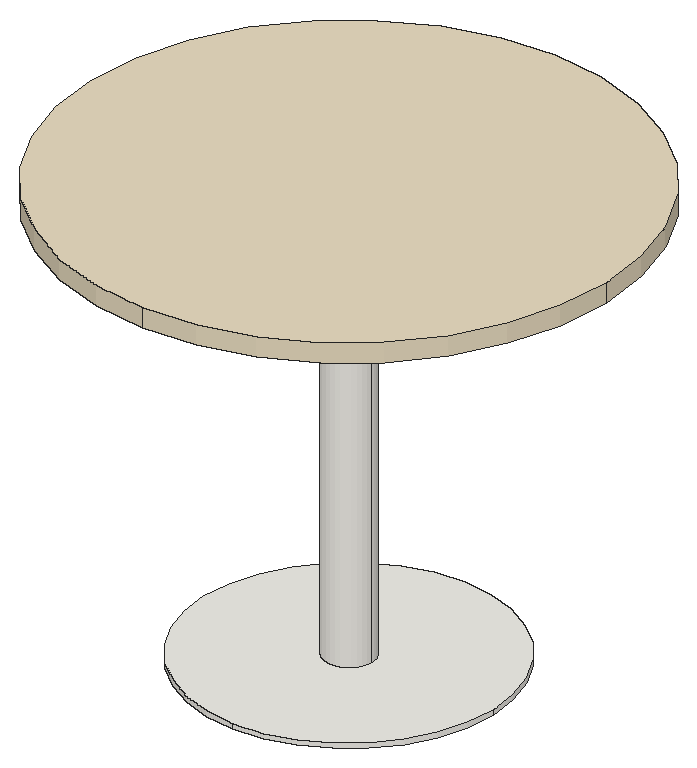
Revit family "FU_Table_Sandler_582-MT", category Furniture, Revit 2020
Family settings
  OmniClass Number = 23.40.20.00
  OmniClass Title = General Furniture and Specialties
  Work Plane-Based = No
  Always vertical = Yes
  Cut with Voids When Loaded = No
  Shared = No
  Room Calculation Point = No
Parameters (values of type "582 MT - 36" Round Top (90cm)")
  Width = 505 mm
  URL = "https://www.sandlerseating.com/product/582-mt/"
  Top Type = FU_TableTops_MT Rnd : 36" Round (90cm)
  Top Elevation = Height  # 720 mm
  Top Finish [instance] = Wood - Beech - Honey Stained
  Model = "582 MT"
  Manufacturer = "Sandler"
  Height = 720 mm
  Frame Finish [instance] = Metal - Paint -AL VR - Pure White
  Description = "Table base. Available in powdercoat painted finishes.\r\nOptional upcharge for outdoor version with galvanized-treated frame and adjustable feet."
  Depth = Width  # 505 mm
  Default Elevation = 0 mm
Types (5, lengths in mm): name | Top Type
  (no name) | FU_TableTops_MT Rnd : 36" Round (90cm)
  582 MT - 28" Square Top (70cm) | FU_TableTops_MT Sqr : 28" Square (70cm)
  582 MT - 32" Square Top (80cm) | FU_TableTops_MT Sqr : 32" Square (80cm)
  582 MT - 32" Round Top (80cm) | FU_TableTops_MT Rnd : 32" Round (80cm)
  582 MT - 36" Round Top (90cm) | FU_TableTops_MT Rnd : 36" Round (90cm)
Reference planes
  plane 1 "Center (Front/Back)": y = 0
  plane 2: z = 0
  plane 3 "Center (Left/Right)": x = 0
  plane 4 "Right": x = -252.5
  plane 5 "Left": x = 252.5
  plane 6 "Back": y = 252.5
  plane 7 "Front": y = -252.5
  plane 8 "Height": z = 720
  plane 9 "Top Support": z = 700
  plane 10 "Glide Height": z = 6
  plane 11 "Base height": z = 14
  plane 12 "R Pad C": x = -236.5
  plane 13 "B Pad C": y = 236.5
  plane 14 "L Pad C": x = 236.5
  plane 15 "F Pad C": y = -236.5
Forms (mm)
  Extrusion 1, solid, material "Metal - Paint -AL VR - Pure White" <- "Frame Finish"
    sketch origin (0, 0, 6) x (-1, 0, 0) y (0, -1, 0)
      loop
        arc (252.5, 0) -> (178.544, 178.544) -> (0, 252.5) r 252.5
        arc (0, 252.5) -> (-178.544, 178.544) -> (-252.5, 0) r 252.5
        arc (-252.5, 0) -> (-178.544, -178.544) -> (0, -252.5) r 252.5
        arc (0, -252.5) -> (178.544, -178.544) -> (252.5, 0) r 252.5
    from 0 to 8
  Revolve 2, solid, material "Rubber, Black"
    sketch origin (0, 0, 0) x (1, 0, 0) y (0, 0, 1)
      loop
        line (-236.5, 0) -> (-236.5, 6) -> (-244.5, 6) -> (-244.5, 2)
        arc (-244.5, 2) -> (-243.914, 0.586) -> (-242.5, 0) r 2
        line (-242.5, 0) -> (-236.5, 0)
      axis (-236.5, 6) -> (-236.5, 0)
    angle from 0 to 360
  Revolve 3, solid, material "Rubber, Black"
    sketch origin (0, 0, 0) x (-1, 0, 0) y (0, 0, 1)
      loop
        line (-236.5, 0) -> (-236.5, 6) -> (-244.5, 6) -> (-244.5, 2)
        arc (-244.5, 2) -> (-243.914, 0.586) -> (-242.5, 0) r 2
        line (-242.5, 0) -> (-236.5, 0)
      axis (-236.5, 6) -> (-236.5, 0)
    angle from 0 to 360
  Revolve 4, solid, material "Rubber, Black"
    sketch origin (0, 0, 0) x (0, 1, 0) y (0, 0, 1)
      loop
        line (-236.5, 6) -> (-244.5, 6) -> (-244.5, 2)
        arc (-244.5, 2) -> (-243.914, 0.586) -> (-242.5, 0) r 2
        line (-242.5, 0) -> (-236.5, 0) -> (-236.5, 6)
      axis (-236.5, 6) -> (-236.5, 0)
    angle from 0 to 360
  Revolve 5, solid, material "Rubber, Black"
    sketch origin (0, 0, 0) x (0, -1, 0) y (0, 0, 1)
      loop
        line (-236.5, 6) -> (-244.5, 6) -> (-244.5, 2)
        arc (-244.5, 2) -> (-243.914, 0.586) -> (-242.5, 0) r 2
        line (-242.5, 0) -> (-236.5, 0) -> (-236.5, 6)
      axis (-236.5, 6) -> (-236.5, 0)
    angle from 0 to 360
  Extrusion 6, solid, material "Metal - Paint -AL VR - Pure White" <- "Frame Finish"
    sketch origin (0, 0, 6) x (-1, 0, 0) y (0, -1, 0)
      loop
        circle (0, 0) r 40
    from 0 to 694
Dimensions and locks
  equal spacing: plane 4 "Right", plane 3 "Center (Left/Right)", plane 5 "Left"
  "Width": plane 4 "Right" to plane 5 "Left"
  equal spacing: plane 6 "Back", plane 1 "Center (Front/Back)", plane 7 "Front"
  "Depth": plane 6 "Back" to plane 7 "Front"
  "Height": plane 8 "Height" to level
  locked: plane 8 "Height" to plane 9 "Top Support" at 20
  locked: plane 4 "Right" to plane 12 "R Pad C" at 16
  plane 14 "L Pad C" to plane 5 "Left" = 16 mm
  locked: plane 6 "Back" to plane 13 "B Pad C" at 16
  locked: plane 15 "F Pad C" to plane 7 "Front" at 16
  aligned and locked: level to plane 2
  aligned and locked: plane 11 "Base height" to Extrusion 1
  aligned and locked: Extrusion 1 to plane 11 "Base height"  (x3)
  aligned and locked: plane 8 "Height" to nested 1
  aligned and locked: Extrusion 6 to plane 10 "Glide Height"
  aligned and locked: plane 9 "Top Support" to Extrusion 6
Automatic sketch dimensions
  Extrusion 1 sketch curve to Extrusion 1 sketch curve = 0 mm  (x12)
  plane 1 "Center (Front/Back)" to Extrusion 1 sketch curve = 0 mm
  Extrusion 1 sketch curve to plane 5 "Left" = 0 mm
  Extrusion 1 sketch curve to plane 3 "Center (Left/Right)" = 0 mm  (x3)
  Revolve 2 sketch curve to plane 10 "Glide Height" = 0 mm
  Revolve 2 sketch curve to level = 0 mm
  plane 12 "R Pad C" to Revolve 2 sketch curve = 0 mm  (x2)
  Revolve 2 sketch curve to Revolve 2 sketch curve = 6 mm
  Revolve 2 sketch curve to Revolve 2 sketch curve = 2 mm
  Revolve 2 sketch curve to level = 10.049 mm
  Revolve 2 sketch curve to plane 11 "Base height" = 2.095 mm
  Revolve 3 sketch curve to plane 10 "Glide Height" = 0 mm
  Revolve 3 sketch curve to level = 0 mm
  Revolve 3 sketch curve to plane 14 "L Pad C" = 0 mm  (x2)
  Revolve 3 sketch curve to Revolve 3 sketch curve = 6 mm
  Revolve 3 sketch curve to Revolve 3 sketch curve = 2 mm
  level to Revolve 3 sketch curve = 10.049 mm
  plane 11 "Base height" to Revolve 3 sketch curve = 2.095 mm
  Revolve 4 sketch curve to plane 10 "Glide Height" = 0 mm
  Revolve 4 sketch curve to level = 0 mm
  Revolve 4 sketch curve to plane 15 "F Pad C" = 0 mm  (x2)
  level to Revolve 4 sketch curve = 2 mm
  plane 15 "F Pad C" to Revolve 4 sketch curve = 6 mm
  Revolve 4 sketch curve to level = 5.787 mm
  Revolve 4 sketch curve to plane 11 "Base height" = 1.201 mm
  Revolve 5 sketch curve to plane 10 "Glide Height" = 0 mm
  Revolve 5 sketch curve to level = 0 mm
  Revolve 5 sketch curve to plane 13 "B Pad C" = 0 mm  (x2)
  Revolve 5 sketch curve to level = 2 mm
  Revolve 5 sketch curve to plane 13 "B Pad C" = 6 mm
  Revolve 5 sketch curve to Revolve 5 sketch curve = 5.787 mm
  plane 11 "Base height" to Revolve 5 sketch curve = 1.201 mm
  plane 1 "Center (Front/Back)" to Extrusion 6 sketch curve = 0 mm
  Extrusion 6 sketch curve to plane 3 "Center (Left/Right)" = 0 mm
  radius of Extrusion 6 sketch curve = 40 mm
Nested families
  nested 1: "MT Top Support" at (0, 0, 0), Frame Finish <- "Frame Finish", type "MT Top Support"
    with Frame Finish Metal - Paint -AL VR - Pure White
  nested 2: "FU_TableTops_MT Rnd" at (0, 0, 0), Top Elevation <- "Top Elevation", Top Finish <- "Top Finish", type <- "Top Type", type "36" Round (90cm)"
    with Top Finish Wood - Beech - Honey Stained, Top Elevation 720 mm
Definition of nested family "MT Top Support"
  Parameters (values of type "MT Top Support")
    Frame Finish [instance] = none
    Default Elevation = 0 mm
  Reference planes
    plane 1 "Center (Front/Back)": y = 0
    plane 2: z = 0
    plane 3 "Center (Left/Right)": x = 0
    plane 4 "Right": x = -210
    plane 5 "Left": x = 210
    plane 6 "Back": y = 210
    plane 7 "Front": y = -210
    plane 8 "Height": z = 720
    plane 9: z = 700
  Forms (mm)
    Extrusion 1, solid, material <- "Frame Finish"
      sketch origin (0, 0, 700) x (-1, 0, 0) y (0, -1, 0)
        loop
          line (48, 44.024) -> (119.736, 115.76)
          arc (119.736, 115.76) -> (116.918, 118.6) -> (114.032, 121.37) r 166.741
          line (114.032, 121.37) -> (40.38, 47.718) -> (-40.38, 47.718) -> (-114.032, 121.37)
          arc (-114.032, 121.37) -> (-116.918, 118.6) -> (-119.736, 115.76) r 166.741
          line (-119.736, 115.76) -> (-48, 44.024) -> (-48, -44.024) -> (-120.014, -116.038)
          arc (-120.014, -116.038) -> (-117.202, -118.884) -> (-114.323, -121.661) r 166.741
          line (-114.323, -121.661) -> (-40.944, -48.282) -> (40.944, -48.282) -> (114.323, -121.661)
          arc (114.323, -121.661) -> (117.202, -118.884) -> (120.014, -116.038) r 166.741
          line (120.014, -116.038) -> (48, -44.024) -> (48, 44.024)
      from 0 to 15
    Extrusion 2, solid, material <- "Frame Finish"
      sketch origin (0, 0, 720) x (-1, 0, 0) y (0, -1, 0)
        loop
          arc (48, 9.198) -> (50.194, 20.46) -> (56.455, 30.074) r 30
          line (56.455, 30.074) -> (155.027, 131.809)
          arc (155.027, 131.809) -> (157.282, 137.439) -> (154.939, 143.033) r 8
          line (154.939, 143.033) -> (142.122, 155.85)
          arc (142.122, 155.85) -> (136.465, 158.193) -> (130.808, 155.85) r 8
          line (130.808, 155.85) -> (32.027, 57.069)
          arc (32.027, 57.069) -> (22.294, 50.566) -> (10.814, 48.282) r 30
          line (10.814, 48.282) -> (-10.814, 48.282)
          arc (-10.814, 48.282) -> (-22.294, 50.566) -> (-32.027, 57.069) r 30
          line (-32.027, 57.069) -> (-130.808, 155.85)
          arc (-130.808, 155.85) -> (-136.465, 158.193) -> (-142.122, 155.85) r 8
          line (-142.122, 155.85) -> (-154.939, 143.033)
          arc (-154.939, 143.033) -> (-157.282, 137.439) -> (-155.027, 131.809) r 8
          line (-155.027, 131.809) -> (-56.455, 30.074)
          arc (-56.455, 30.074) -> (-50.194, 20.46) -> (-48, 9.198) r 30
          line (-48, 9.198) -> (-48, -9.198)
          arc (-48, -9.198) -> (-50.194, -20.46) -> (-56.455, -30.074) r 30
          line (-56.455, -30.074) -> (-155.027, -131.809)
          arc (-155.027, -131.809) -> (-157.282, -137.439) -> (-154.939, -143.033) r 8
          line (-154.939, -143.033) -> (-142.122, -155.85)
          arc (-142.122, -155.85) -> (-136.465, -158.193) -> (-130.808, -155.85) r 8
          line (-130.808, -155.85) -> (-32.027, -57.069)
          arc (-32.027, -57.069) -> (-22.294, -50.566) -> (-10.814, -48.282) r 30
          line (-10.814, -48.282) -> (10.814, -48.282)
          arc (10.814, -48.282) -> (22.294, -50.566) -> (32.027, -57.069) r 30
          line (32.027, -57.069) -> (130.808, -155.85)
          arc (130.808, -155.85) -> (136.465, -158.193) -> (142.122, -155.85) r 8
          line (142.122, -155.85) -> (154.939, -143.033)
          arc (154.939, -143.033) -> (157.282, -137.439) -> (155.027, -131.809) r 8
          line (155.027, -131.809) -> (56.455, -30.074)
          arc (56.455, -30.074) -> (50.194, -20.46) -> (48, -9.198) r 30
          line (48, -9.198) -> (48, 9.198)
        loop
          line (-134.399, -141.055) -> (-124.502, -131.158)
          arc (-124.502, -131.158) -> (-124.502, -125.502) -> (-130.158, -125.502) r 3.999
          line (-130.158, -125.502) -> (-140.055, -135.399)
          arc (-140.055, -135.399) -> (-140, -141.001) -> (-134.399, -141.055) r 4
        loop
          arc (134.399, -141.055) -> (140, -141.001) -> (140.055, -135.399) r 4
          line (140.055, -135.399) -> (130.158, -125.502)
          arc (130.158, -125.502) -> (124.502, -125.502) -> (124.502, -131.158) r 3.999
          line (124.502, -131.158) -> (134.399, -141.055)
        loop
          arc (-134.399, 141.055) -> (-140, 141.001) -> (-140.055, 135.399) r 4
          line (-140.055, 135.399) -> (-130.158, 125.502)
          arc (-130.158, 125.502) -> (-124.502, 125.502) -> (-124.502, 131.158) r 3.999
          line (-124.502, 131.158) -> (-134.399, 141.055)
        loop
          line (134.399, 141.055) -> (124.502, 131.158)
          arc (124.502, 131.158) -> (124.502, 125.502) -> (130.158, 125.502) r 3.999
          line (130.158, 125.502) -> (140.055, 135.399)
          arc (140.055, 135.399) -> (140, 141.001) -> (134.399, 141.055) r 4
        loop
          circle (0, 0) r 7.5
      from -10 to 0
  Dimensions and locks
    equal spacing: plane 4 "Right", plane 3 "Center (Left/Right)", plane 5 "Left"
    plane 4 "Right" to plane 5 "Left" = 420 mm
    equal spacing: plane 6 "Back", plane 1 "Center (Front/Back)", plane 7 "Front"
    plane 6 "Back" to plane 7 "Front" = 420 mm
    plane 8 "Height" to level = 720 mm
    locked: plane 8 "Height" to plane 9 at 20
    aligned and locked: level to plane 2
  Automatic sketch dimensions
    plane 1 "Center (Front/Back)" to Extrusion 2 sketch curve = 0 mm
    Extrusion 2 sketch curve to plane 3 "Center (Left/Right)" = 0 mm
    plane 3 "Center (Left/Right)" to Extrusion 2 sketch curve = 10.814 mm  (x2)
    Extrusion 2 sketch curve to Extrusion 2 sketch curve = 21.213 mm  (x4)
    plane 1 "Center (Front/Back)" to Extrusion 2 sketch curve = 9.198 mm  (x2)
    plane 3 "Center (Left/Right)" to Extrusion 2 sketch curve = 48 mm
    Extrusion 2 sketch curve to plane 1 "Center (Front/Back)" = 30.074 mm  (x2)
    Extrusion 2 sketch curve to Extrusion 2 sketch curve = 8.455 mm  (x4)
    plane 1 "Center (Front/Back)" to Extrusion 2 sketch curve = 30.074 mm  (x2)
    Extrusion 2 sketch curve to plane 1 "Center (Front/Back)" = 9.198 mm  (x2)
    plane 5 "Left" to Extrusion 2 sketch curve = 85.498 mm  (x2)
    Extrusion 2 sketch curve to Extrusion 2 sketch curve = 2.828 mm  (x12)
    Extrusion 2 sketch curve to Extrusion 2 sketch curve = 6.306 mm  (x4)
    Extrusion 2 sketch curve to Extrusion 2 sketch curve = 9.897 mm  (x8)
    Extrusion 2 sketch curve to Extrusion 2 sketch curve = 5.657 mm  (x16)
    Extrusion 2 sketch curve to Extrusion 2 sketch curve = 2.773 mm  (x8)
    Extrusion 2 sketch curve to Extrusion 2 sketch curve = 2.883 mm  (x4)
    Extrusion 2 sketch curve to Extrusion 2 sketch curve = 9.227 mm  (x4)
    Extrusion 2 sketch curve to Extrusion 2 sketch curve = 5.745 mm  (x4)
    Extrusion 2 sketch curve to plane 3 "Center (Left/Right)" = 10.814 mm  (x2)
    Extrusion 2 sketch curve to plane 3 "Center (Left/Right)" = 48 mm
    Extrusion 2 sketch curve to plane 1 "Center (Front/Back)" = 48.282 mm
    Extrusion 2 sketch curve to Extrusion 2 sketch curve = 8.787 mm  (x4)
    Extrusion 2 sketch curve to plane 6 "Back" = 84.498 mm  (x2)
    Extrusion 2 sketch curve to Extrusion 2 sketch curve = 6.307 mm  (x4)
    Extrusion 2 sketch curve to Extrusion 2 sketch curve = 5.567 mm  (x4)
    Extrusion 2 sketch curve to Extrusion 2 sketch curve = 9.138 mm  (x4)
    plane 1 "Center (Front/Back)" to Extrusion 2 sketch curve = 48.282 mm
    plane 7 "Front" to Extrusion 2 sketch curve = 84.498 mm  (x2)
    Extrusion 1 sketch curve to Extrusion 1 sketch curve = 0 mm  (x12)
    Extrusion 1 sketch curve to plane 3 "Center (Left/Right)" = 0 mm
    plane 3 "Center (Left/Right)" to Extrusion 1 sketch curve = 40.38 mm
    plane 3 "Center (Left/Right)" to Extrusion 1 sketch curve = 40.944 mm
    Extrusion 1 sketch curve to Extrusion 1 sketch curve = 7.056 mm  (x2)
    plane 5 "Left" to Extrusion 1 sketch curve = 95.968 mm
    plane 5 "Left" to Extrusion 1 sketch curve = 95.677 mm
    Extrusion 1 sketch curve to Extrusion 1 sketch curve = 5.704 mm  (x2)
    Extrusion 1 sketch curve to Extrusion 1 sketch curve = 5.691 mm  (x2)
    Extrusion 1 sketch curve to plane 3 "Center (Left/Right)" = 40.38 mm
    Extrusion 1 sketch curve to plane 3 "Center (Left/Right)" = 40.944 mm
    Extrusion 1 sketch curve to plane 6 "Back" = 88.339 mm  (x2)
    Extrusion 1 sketch curve to Extrusion 1 sketch curve = 5.623 mm
    Extrusion 1 sketch curve to plane 1 "Center (Front/Back)" = 48.282 mm
    Extrusion 1 sketch curve to Extrusion 1 sketch curve = 4.258 mm  (x2)
    plane 1 "Center (Front/Back)" to Extrusion 1 sketch curve = 44.024 mm  (x2)
    Extrusion 1 sketch curve to Extrusion 1 sketch curve = 3.693 mm
    plane 7 "Front" to Extrusion 1 sketch curve = 94.24 mm  (x2)
    Extrusion 1 sketch curve to plane 4 "Right" = 95.968 mm
    Extrusion 1 sketch curve to plane 4 "Right" = 95.677 mm
    Extrusion 2 sketch curve to plane 4 "Right" = 85.498 mm  (x2)
    radius of Extrusion 2 sketch curve = 7.5 mm
Definition of nested family "FU_TableTops_MT Rnd"
  Parameters (values of type "36" Round (90cm)")
    Width = 900 mm
    Top Finish [instance] = none
    Top Elevation [instance] = 1100 mm
    Depth = Width  # 900 mm
    Default Elevation = 0 mm
  Types (4, lengths in mm): name | Width | Depth
    24" Round (60cm) | 600 | 600
    28" Round (70cm) | 700 | 700
    32" Round (80cm) | 800 | 800
    36" Round (90cm) | 900 | 900
  Reference planes
    plane 1 "Center (Front/Back)": y = 0
    plane 2: z = 0
    plane 3 "Center (Left/Right)": x = 0
    plane 4 "Right": x = -450
    plane 5 "Left": x = 450
    plane 6 "Back": y = 450
    plane 7 "Front": y = -450
    plane 8 "Elevation": z = 1100
    plane 9 "Top Height": z = 1131.75
  Forms (mm)
    Extrusion 1, solid, material <- "Top Finish"
      sketch origin (0, 0, 1100) x (-1, 0, 0) y (0, -1, 0)
        loop
          arc (0, -450) -> (318.198, -318.198) -> (450, 0) r 450
          arc (450, 0) -> (318.198, 318.198) -> (0, 450) r 450
          arc (0, 450) -> (-318.198, 318.198) -> (-450, 0) r 450
          arc (-450, 0) -> (-318.198, -318.198) -> (0, -450) r 450
      from 0 to 31.75
  Dimensions and locks
    equal spacing: plane 4 "Right", plane 3 "Center (Left/Right)", plane 5 "Left"
    "Width": plane 4 "Right" to plane 5 "Left"
    equal spacing: plane 6 "Back", plane 1 "Center (Front/Back)", plane 7 "Front"
    "Depth": plane 6 "Back" to plane 7 "Front"
    "Top Elevation": plane 8 "Elevation" to level
    locked: plane 9 "Top Height" to plane 8 "Elevation" at 31.75
    aligned and locked: level to plane 2
    aligned and locked: plane 9 "Top Height" to Extrusion 1
  Automatic sketch dimensions
    Extrusion 1 sketch curve to Extrusion 1 sketch curve = 0 mm  (x7)
    plane 1 "Center (Front/Back)" to Extrusion 1 sketch curve = 0 mm  (x2)
    Extrusion 1 sketch curve to plane 5 "Left" = 0 mm
    Extrusion 1 sketch curve to plane 3 "Center (Left/Right)" = 0 mm  (x3)
    Extrusion 1 sketch curve to plane 6 "Back" = 0 mm
